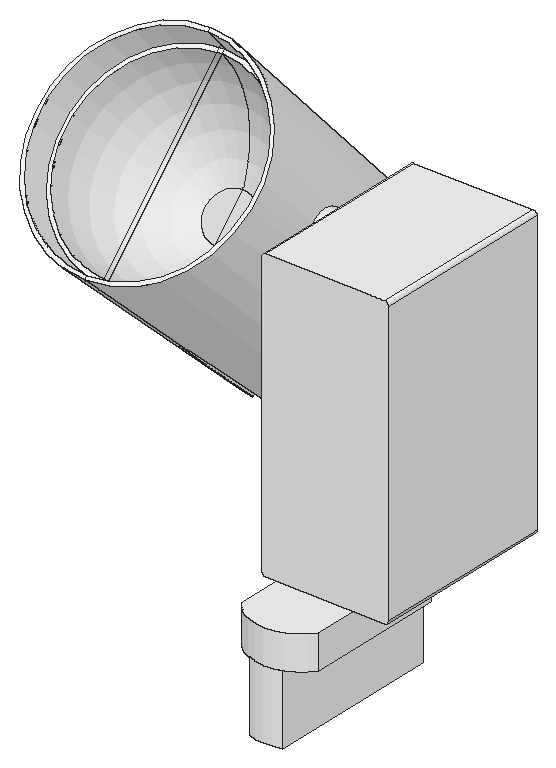
Revit family "0004813 Feilo Sylvania Lighting Fixture START TRACK SPOT S 14W 3K RA80 WB WHITE", category Lighting Fixtures, host Face, Revit 2017 (continued)
Definition of nested family "Start Track Spot Head"
  Types (96, lengths in mm): name | Wattage | built-in parameter 1150134 | Photometric Web File | Model | built-in parameter 1150105 | Lumens | built-in parameter 1150107 | built-in parameter 1150106 | HeadThickness_FEILO | HeadRibOffset_FEILO | HeadRibDepth_FEILO | HeadRibCutWidth_FEILO | HeadRibCutOffset_FEILO | HeadReflectorRadius_FEILO | HeadReflectorOffset_FEILO | HeadLEDRadius_FEILO | HeadHeight_FEILO | HeadDiffusorOffset_FEILO | HeadDiaOut_FEILO | HeadDiaIn_FEILO | HeadAxisFromTop_FEILO | Emit from Circle Diameter | built-in parameter 1150104 | Description | Apparent Load
    0004864 START TRACK SPOT S 24W 3K RA90 WB WHITE | 24 W | (empty or 0) | "0004864.ies" | "START TRACK SPOT S 24W 3K RA90 WB WHITE" | 152.79 (stored number, unit not read) | 1920 lm | 3000 (stored number, unit not read) | 1.5279 (stored number, unit not read) | 1.5 | 4.179 | 55.714 | 7.167 | 50.87 | 50.588 | 55.714 | 9.556 | 117 | 9.435 | 86 | 77.477 | 69.354 | 77.477 | 7.4322 (stored number, unit not read) | "Integrated LED spotlight, Textured White - RAL9016, compact and minimalist design, ideal for retail applications, die-cast aluminium body, passive cooling heatsink. Beam angle: 64°, color temperature: 3000K , total system power: 24W, total fixture output: 1928 lm, LOR: 100%, colour rendering: Ra: 90 typical, LED Chromaticity: 3 step MacAdam ellipse, lifetime: >50000 hours at L70B50, energy class: A++, A+, A, IR/UV free light source without heat radiation, operating voltage: 220-240V / 50-60Hz, drive current: 600mA, electronic driver, non-dimmable, power factor: 0.95, electrical protection: Class II, Global Track 3 Phase adapter suitable for Global trac 3-circuit tracks, ingress protection rating: IP20, suitable for internal environment only, horizontal rotation: 355°, vertical tilt: 90°, dimensions: Ø86x140x200, weight: 0.966kg." | 24 VA
    0004863 START TRACK SPOT S 24W 3K RA90 MB WHITE | 24 W | (empty or 0) | "0004863.ies" | "START TRACK SPOT S 24W 3K RA90 MB WHITE" | 154.7 (stored number, unit not read) | 1944 lm | 3000 (stored number, unit not read) | 1.547 (stored number, unit not read) | 1.5 | 4.179 | 55.714 | 7.167 | 50.87 | 50.588 | 55.714 | 9.556 | 117 | 9.435 | 86 | 77.477 | 69.354 | 77.477 | 7.5251 (stored number, unit not read) | "Integrated LED spotlight, Textured White - RAL9016, compact and minimalist design, ideal for retail applications, die-cast aluminium body, passive cooling heatsink. Beam angle: 36°, color temperature: 3000K , total system power: 24W, total fixture output: 1944 lm, LOR: 100%, colour rendering: Ra: 90 typical, LED Chromaticity: 3 step MacAdam ellipse, lifetime: >50000 hours at L70B50, energy class: A++, A+, A, IR/UV free light source without heat radiation, operating voltage: 220-240V / 50-60Hz, drive current: 600mA, electronic driver, non-dimmable, power factor: 0.95, electrical protection: Class II, Global Track 3 Phase adapter suitable for Global trac 3-circuit tracks, ingress protection rating: IP20, suitable for internal environment only, horizontal rotation: 355°, vertical tilt: 90°, dimensions: Ø86x140x200, weight: 0.966kg." | 24 VA
    0004862 START TRACK SPOT S 24W 3K RA90 NB WHITE | 24 W | (empty or 0) | "0004862.ies" | "START TRACK SPOT S 24W 3K RA90 NB WHITE" | 158.52 (stored number, unit not read) | 1992 lm | 3000 (stored number, unit not read) | 1.5852 (stored number, unit not read) | 1.5 | 4.179 | 55.714 | 7.167 | 50.87 | 50.588 | 55.714 | 9.556 | 117 | 9.435 | 86 | 77.477 | 69.354 | 77.477 | 7.711 (stored number, unit not read) | "Integrated LED spotlight, Textured White - RAL9016, compact and minimalist design, ideal for retail applications, die-cast aluminium body, passive cooling heatsink. Beam angle: 12°, color temperature: 3000K , total system power: 24W, total fixture output: 1987 lm, LOR: 100%, colour rendering: Ra: 90 typical, LED Chromaticity: 3 step MacAdam ellipse, lifetime: >50000 hours at L70B50, energy class: A++, A+, A, IR/UV free light source without heat radiation, operating voltage: 220-240V / 50-60Hz, drive current: 600mA, electronic driver, non-dimmable, power factor: 0.95, electrical protection: Class II, Global Track 3 Phase adapter suitable for Global trac 3-circuit tracks, ingress protection rating: IP20, suitable for internal environment only, horizontal rotation: 355°, vertical tilt: 90°, dimensions: Ø86x140x200, weight: 0.966kg." | 24 VA
    0004861 START TRACK SPOT S 14W 3K RA90 WB WHITE | 14 W | (empty or 0) | "0004861.ies" | "START TRACK SPOT S 14W 3K RA90 WB WHITE" | 100.27 (stored number, unit not read) | 1260 lm | 3000 (stored number, unit not read) | 1.0027 (stored number, unit not read) | 1.5 | 4.179 | 55.714 | 7.167 | 50.87 | 50.588 | 55.714 | 9.556 | 117 | 9.435 | 86 | 77.477 | 69.354 | 77.477 | 8.3613 (stored number, unit not read) | "Integrated LED spotlight, Textured White - RAL9016, compact and minimalist design, ideal for retail applications, die-cast aluminium body, passive cooling heatsink. Beam angle: 64°, color temperature: 3000K , total system power: 14W, total fixture output: 1262 lm, LOR: 100%, colour rendering: Ra: 90 typical, LED Chromaticity: 3 step MacAdam ellipse, lifetime: >50000 hours at L70B50, energy class: A++, A+, A, IR/UV free light source without heat radiation, operating voltage: 220-240V / 50-60Hz, drive current: 350mA, electronic driver, non-dimmable, power factor: 0.92, electrical protection: Class II, Global Track 3 Phase adapter suitable for Global trac 3-circuit tracks, ingress protection rating: IP20, suitable for internal environment only, horizontal rotation: 355°, vertical tilt: 90°, dimensions: Ø86x140x200, weight: 0.940kg." | 14 VA
    0004860 START TRACK SPOT S 14W 3K RA90 MB WHITE | 14 W | (empty or 0) | "0004860.ies" | "START TRACK SPOT S 14W 3K RA90 MB WHITE" | 100.27 (stored number, unit not read) | 1260 lm | 3000 (stored number, unit not read) | 1.0027 (stored number, unit not read) | 1.5 | 4.179 | 55.714 | 7.167 | 50.87 | 50.588 | 55.714 | 9.556 | 117 | 9.435 | 86 | 77.477 | 69.354 | 77.477 | 8.3613 (stored number, unit not read) | "Integrated LED spotlight, Textured White - RAL9016, compact and minimalist design, ideal for retail applications, die-cast aluminium body, passive cooling heatsink. Beam angle: 36°, color temperature: 3000K , total system power: 14W, total fixture output: 1262 lm, LOR: 100%, colour rendering: Ra: 90 typical, LED Chromaticity: 3 step MacAdam ellipse, lifetime: >50000 hours at L70B50, energy class: A++, A+, A, IR/UV free light source without heat radiation, operating voltage: 220-240V / 50-60Hz, drive current: 350mA, electronic driver, non-dimmable, power factor: 0.92, electrical protection: Class II, Global Track 3 Phase adapter suitable for Global trac 3-circuit tracks, ingress protection rating: IP20, suitable for internal environment only, horizontal rotation: 355°, vertical tilt: 90°, dimensions: Ø86x140x200, weight: 0.940kg." | 14 VA
    0004859 START TRACK SPOT S 14W 3K RA90 NB WHITE | 14 W | (empty or 0) | "0004859.ies" | "START TRACK SPOT S 14W 3K RA90 NB WHITE" | 102.5 (stored number, unit not read) | 1288 lm | 3000 (stored number, unit not read) | 1.025 (stored number, unit not read) | 1.5 | 4.179 | 55.714 | 7.167 | 50.87 | 50.588 | 55.714 | 9.556 | 117 | 9.435 | 86 | 77.477 | 69.354 | 77.477 | 8.5471 (stored number, unit not read) | "Integrated LED spotlight, Textured White - RAL9016, compact and minimalist design, ideal for retail applications, die-cast aluminium body, passive cooling heatsink. Beam angle: 12°, color temperature: 3000K , total system power: 14W, total fixture output: 1284 lm, LOR: 100%, colour rendering: Ra: 90 typical, LED Chromaticity: 3 step MacAdam ellipse, lifetime: >50000 hours at L70B50, energy class: A++, A+, A, IR/UV free light source without heat radiation, operating voltage: 220-240V / 50-60Hz, drive current: 350mA, electronic driver, non-dimmable, power factor: 0.92, electrical protection: Class II, Global Track 3 Phase adapter suitable for Global trac 3-circuit tracks, ingress protection rating: IP20, suitable for internal environment only, horizontal rotation: 355°, vertical tilt: 90°, dimensions: Ø86x140x200, weight: 0.940kg." | 14 VA
    0004858 START TRACK SPOT L 55W 4K RA80 WB BLACK | 55 W | 12 | "0004858.ies" | "START TRACK SPOT L 55W 4K RA80 WB BLACK" | 424.55 (stored number, unit not read) | 5335 lm | 4000 (stored number, unit not read) | 4.2455 (stored number, unit not read) | 2 | 4.429 | 59.048 | 9.417 | 53.913 | 66.471 | 59.048 | 12.556 | 124 | 10 | 113 | 101.802 | 73.503 | 101.802 | 9.0116 (stored number, unit not read) | "Integrated LED spotlight, Textured Black - RAL9005, compact and minimalist design, ideal for retail applications, die-cast aluminium body, passive cooling heatsink. Beam angle: 52°, color temperature: 4000K , total system power: 55W, total fixture output: 5320 lm, LOR: 100%, colour rendering: Ra: 80 typical, LED Chromaticity: 3 step MacAdam ellipse, lifetime: >50000 hours at L70B50, energy class: A++, A+, A, IR/UV free light source without heat radiation, operating voltage: 220-240V / 50-60Hz, drive current: 1400mA, electronic driver, non-dimmable, power factor: 0.96, electrical protection: Class II, Global Track 3 Phase adapter suitable for Global trac 3-circuit tracks, ingress protection rating: IP20, suitable for internal environment only, horizontal rotation: 355°, vertical tilt: 90°, dimensions: Ø113x164x240, weight: 1.398kg." | 55 VA
    0004857 START TRACK SPOT L 55W 4K RA80 MB BLACK | 55 W | 12 | "0004857.ies" | "START TRACK SPOT L 55W 4K RA80 MB BLACK" | 428.92 (stored number, unit not read) | 5390 lm | 4000 (stored number, unit not read) | 4.2892 (stored number, unit not read) | 2 | 4.429 | 59.048 | 9.417 | 53.913 | 66.471 | 59.048 | 12.556 | 124 | 10 | 113 | 101.802 | 73.503 | 101.802 | 9.1045 (stored number, unit not read) | "Integrated LED spotlight, Textured Black - RAL9005, compact and minimalist design, ideal for retail applications, die-cast aluminium body, passive cooling heatsink. Beam angle: 38°, color temperature: 4000K , total system power: 55W, total fixture output: 5378 lm, LOR: 100%, colour rendering: Ra: 80 typical, LED Chromaticity: 3 step MacAdam ellipse, lifetime: >50000 hours at L70B50, energy class: A++, A+, A, IR/UV free light source without heat radiation, operating voltage: 220-240V / 50-60Hz, drive current: 1400mA, electronic driver, non-dimmable, power factor: 0.96, electrical protection: Class II, Global Track 3 Phase adapter suitable for Global trac 3-circuit tracks, ingress protection rating: IP20, suitable for internal environment only, horizontal rotation: 355°, vertical tilt: 90°, dimensions: Ø113x164x240, weight: 1.398kg." | 55 VA
    0004856 START TRACK SPOT L 55W 4K RA80 NB BLACK | 55 W | 12 | "0004856.ies" | "START TRACK SPOT L 55W 4K RA80 NB BLACK" | 433.3 (stored number, unit not read) | 5445 lm | 4000 (stored number, unit not read) | 4.333 (stored number, unit not read) | 2 | 4.429 | 59.048 | 9.417 | 53.913 | 66.471 | 59.048 | 12.556 | 124 | 10 | 113 | 101.802 | 73.503 | 101.802 | 9.1974 (stored number, unit not read) | "Integrated LED spotlight, Textured Black - RAL9005, compact and minimalist design, ideal for retail applications, die-cast aluminium body, passive cooling heatsink. Beam angle: 15°, color temperature: 4000K , total system power: 55W, total fixture output: 5426 lm, LOR: 100%, colour rendering: Ra: 80 typical, LED Chromaticity: 3 step MacAdam ellipse, lifetime: >50000 hours at L70B50, energy class: A++, A+, A, IR/UV free light source without heat radiation, operating voltage: 220-240V / 50-60Hz, drive current: 1400mA, electronic driver, non-dimmable, power factor: 0.96, electrical protection: Class II, Global Track 3 Phase adapter suitable for Global trac 3-circuit tracks, ingress protection rating: IP20, suitable for internal environment only, horizontal rotation: 355°, vertical tilt: 90°, dimensions: Ø113x164x240, weight: 1.398kg." | 55 VA
    0004855 START TRACK SPOT L 35W 4K RA80 WB BLACK | 35 W | 12 | "0004855.ies" | "START TRACK SPOT L 35W 4K RA80 WB BLACK" | 320.3 (stored number, unit not read) | 4025 lm | 4000 (stored number, unit not read) | 3.203 (stored number, unit not read) | 2 | 4.429 | 59.048 | 9.417 | 53.913 | 66.471 | 59.048 | 12.556 | 124 | 10 | 113 | 101.802 | 73.503 | 101.802 | 10.684 (stored number, unit not read) | "Integrated LED spotlight, Textured Black - RAL9005, compact and minimalist design, ideal for retail applications, die-cast aluminium body, passive cooling heatsink. Beam angle: 52°, color temperature: 4000K , total system power: 35W, total fixture output: 4010 lm, LOR: 100%, colour rendering: Ra: 80 typical, LED Chromaticity: 3 step MacAdam ellipse, lifetime: >50000 hours at L70B50, energy class: A++, A+, A, IR/UV free light source without heat radiation, operating voltage: 220-240V / 50-60Hz, drive current: 900mA, electronic driver, non-dimmable, power factor: 0.93, electrical protection: Class II, Global Track 3 Phase adapter suitable for Global trac 3-circuit tracks, ingress protection rating: IP20, suitable for internal environment only, horizontal rotation: 355°, vertical tilt: 90°, dimensions: Ø113x164x240, weight: 1.368kg." | 35 VA
    0004854 START TRACK SPOT L 35W 4K RA80 MB BLACK | 35 W | 12 | "0004854.ies" | "START TRACK SPOT L 35W 4K RA80 MB BLACK" | 320.3 (stored number, unit not read) | 4025 lm | 4000 (stored number, unit not read) | 3.203 (stored number, unit not read) | 2 | 4.429 | 59.048 | 9.417 | 53.913 | 66.471 | 59.048 | 12.556 | 124 | 10 | 113 | 101.802 | 73.503 | 101.802 | 10.684 (stored number, unit not read) | "Integrated LED spotlight, Textured Black - RAL9005, compact and minimalist design, ideal for retail applications, die-cast aluminium body, passive cooling heatsink. Beam angle: 38°, color temperature: 4000K , total system power: 35W, total fixture output: 4017 lm, LOR: 100%, colour rendering: Ra: 80 typical, LED Chromaticity: 3 step MacAdam ellipse, lifetime: >50000 hours at L70B50, energy class: A++, A+, A, IR/UV free light source without heat radiation, operating voltage: 220-240V / 50-60Hz, drive current: 900mA, electronic driver, non-dimmable, power factor: 0.93, electrical protection: Class II, Global Track 3 Phase adapter suitable for Global trac 3-circuit tracks, ingress protection rating: IP20, suitable for internal environment only, horizontal rotation: 355°, vertical tilt: 90°, dimensions: Ø113x164x240, weight: 1.368kg." | 35 VA
    0004853 START TRACK SPOT L 35W 4K RA80 NB BLACK | 35 W | 12 | "0004853.ies" | "START TRACK SPOT L 35W 4K RA80 NB BLACK" | 331.44 (stored number, unit not read) | 4165 lm | 4000 (stored number, unit not read) | 3.3144 (stored number, unit not read) | 2 | 4.429 | 59.048 | 9.417 | 53.913 | 66.471 | 59.048 | 12.556 | 124 | 10 | 113 | 101.802 | 73.503 | 101.802 | 11.055 (stored number, unit not read) | "Integrated LED spotlight, Textured Black - RAL9005, compact and minimalist design, ideal for retail applications, die-cast aluminium body, passive cooling heatsink. Beam angle: 15°, color temperature: 4000K , total system power: 35W, total fixture output: 4174 lm, LOR: 100%, colour rendering: Ra: 80 typical, LED Chromaticity: 3 step MacAdam ellipse, lifetime: >50000 hours at L70B50, energy class: A++, A+, A, IR/UV free light source without heat radiation, operating voltage: 220-240V / 50-60Hz, drive current: 900mA, electronic driver, non-dimmable, power factor: 0.93, electrical protection: Class II, Global Track 3 Phase adapter suitable for Global trac 3-circuit tracks, ingress protection rating: IP20, suitable for internal environment only, horizontal rotation: 355°, vertical tilt: 90°, dimensions: Ø113x164x240, weight: 1.368kg." | 35 VA
    0004852 START TRACK SPOT S 24W 4K RA80 WB BLACK | 24 W | 12 | "0004852.ies" | "START TRACK SPOT S 24W 4K RA80 WB BLACK" | 196.72 (stored number, unit not read) | 2472 lm | 4000 (stored number, unit not read) | 1.9672 (stored number, unit not read) | 1.5 | 4.179 | 55.714 | 7.167 | 50.87 | 50.588 | 55.714 | 9.556 | 117 | 9.435 | 86 | 77.477 | 69.354 | 77.477 | 9.569 (stored number, unit not read) | "Integrated LED spotlight, Textured Black - RAL9005, compact and minimalist design, ideal for retail applications, die-cast aluminium body, passive cooling heatsink. Beam angle: 64°, color temperature: 4000K , total system power: 24W, total fixture output: 2476 lm, LOR: 100%, colour rendering: Ra: 80 typical, LED Chromaticity: 3 step MacAdam ellipse, lifetime: >50000 hours at L70B50, energy class: A++, A+, A, IR/UV free light source without heat radiation, operating voltage: 220-240V / 50-60Hz, drive current: 600mA, electronic driver, non-dimmable, power factor: 0.95, electrical protection: Class II, Global Track 3 Phase adapter suitable for Global trac 3-circuit tracks, ingress protection rating: IP20, suitable for internal environment only, horizontal rotation: 355°, vertical tilt: 90°, dimensions: Ø86x140x200, weight: 0.966kg." | 24 VA
    0004851 START TRACK SPOT S 24W 4K RA80 MB BLACK | 24 W | 12 | "0004851.ies" | "START TRACK SPOT S 24W 4K RA80 MB BLACK" | 198.63 (stored number, unit not read) | 2496 lm | 4000 (stored number, unit not read) | 1.9863 (stored number, unit not read) | 1.5 | 4.179 | 55.714 | 7.167 | 50.87 | 50.588 | 55.714 | 9.556 | 117 | 9.435 | 86 | 77.477 | 69.354 | 77.477 | 9.6619 (stored number, unit not read) | "Integrated LED spotlight, Textured Black - RAL9005, compact and minimalist design, ideal for retail applications, die-cast aluminium body, passive cooling heatsink. Beam angle: 36°, color temperature: 4000K , total system power: 24W, total fixture output: 2487 lm, LOR: 100%, colour rendering: Ra: 80 typical, LED Chromaticity: 3 step MacAdam ellipse, lifetime: >50000 hours at L70B50, energy class: A++, A+, A, IR/UV free light source without heat radiation, operating voltage: 220-240V / 50-60Hz, drive current: 600mA, electronic driver, non-dimmable, power factor: 0.95, electrical protection: Class II, Global Track 3 Phase adapter suitable for Global trac 3-circuit tracks, ingress protection rating: IP20, suitable for internal environment only, horizontal rotation: 355°, vertical tilt: 90°, dimensions: Ø86x140x200, weight: 0.966kg." | 24 VA
    0004850 START TRACK SPOT S 24W 4K RA80 NB BLACK | 24 W | 12 | "0004850.ies" | "START TRACK SPOT S 24W 4K RA80 NB BLACK" | 200.54 (stored number, unit not read) | 2520 lm | 4000 (stored number, unit not read) | 2.0054 (stored number, unit not read) | 1.5 | 4.179 | 55.714 | 7.167 | 50.87 | 50.588 | 55.714 | 9.556 | 117 | 9.435 | 86 | 77.477 | 69.354 | 77.477 | 9.7548 (stored number, unit not read) | "Integrated LED spotlight, Textured Black - RAL9005, compact and minimalist design, ideal for retail applications, die-cast aluminium body, passive cooling heatsink. Beam angle: 12°, color temperature: 4000K , total system power: 24W, total fixture output: 2529 lm, LOR: 100%, colour rendering: Ra: 80 typical, LED Chromaticity: 3 step MacAdam ellipse, lifetime: >50000 hours at L70B50, energy class: A++, A+, A, IR/UV free light source without heat radiation, operating voltage: 220-240V / 50-60Hz, drive current: 600mA, electronic driver, non-dimmable, power factor: 0.95, electrical protection: Class II, Global Track 3 Phase adapter suitable for Global trac 3-circuit tracks, ingress protection rating: IP20, suitable for internal environment only, horizontal rotation: 355°, vertical tilt: 90°, dimensions: Ø86x140x200, weight: 0.966kg." | 24 VA
    0004849 START TRACK SPOT S 14W 4K RA80 WB BLACK | 14 W | 12 | "0004849.ies" | "START TRACK SPOT S 14W 4K RA80 WB BLACK" | 123.66 (stored number, unit not read) | 1554 lm | 4000 (stored number, unit not read) | 1.2366 (stored number, unit not read) | 1.5 | 4.179 | 55.714 | 7.167 | 50.87 | 50.588 | 55.714 | 9.556 | 117 | 9.435 | 86 | 77.477 | 69.354 | 77.477 | 10.312 (stored number, unit not read) | "Integrated LED spotlight, Textured Black - RAL9005, compact and minimalist design, ideal for retail applications, die-cast aluminium body, passive cooling heatsink. Beam angle: 64°, color temperature: 4000K , total system power: 14W, total fixture output: 1558 lm, LOR: 100%, colour rendering: Ra: 80 typical, LED Chromaticity: 3 step MacAdam ellipse, lifetime: >50000 hours at L70B50, energy class: A++, A+, A, IR/UV free light source without heat radiation, operating voltage: 220-240V / 50-60Hz, drive current: 350mA, electronic driver, non-dimmable, power factor: 0.92, electrical protection: Class II, Global Track 3 Phase adapter suitable for Global trac 3-circuit tracks, ingress protection rating: IP20, suitable for internal environment only, horizontal rotation: 355°, vertical tilt: 90°, dimensions: Ø86x140x200, weight: 0.940kg." | 14 VA
    0004848 START TRACK SPOT S 14W 4K RA80 MB BLACK | 14 W | 12 | "0004848.ies" | "START TRACK SPOT S 14W 4K RA80 MB BLACK" | 127.01 (stored number, unit not read) | 1596 lm | 4000 (stored number, unit not read) | 1.2701 (stored number, unit not read) | 1.5 | 4.179 | 55.714 | 7.167 | 50.87 | 50.588 | 55.714 | 9.556 | 117 | 9.435 | 86 | 77.477 | 69.354 | 77.477 | 10.591 (stored number, unit not read) | "Integrated LED spotlight, Textured Black - RAL9005, compact and minimalist design, ideal for retail applications, die-cast aluminium body, passive cooling heatsink. Beam angle: 36°, color temperature: 4000K , total system power: 14W, total fixture output: 1598 lm, LOR: 100%, colour rendering: Ra: 80 typical, LED Chromaticity: 3 step MacAdam ellipse, lifetime: >50000 hours at L70B50, energy class: A++, A+, A, IR/UV free light source without heat radiation, operating voltage: 220-240V / 50-60Hz, drive current: 350mA, electronic driver, non-dimmable, power factor: 0.92, electrical protection: Class II, Global Track 3 Phase adapter suitable for Global trac 3-circuit tracks, ingress protection rating: IP20, suitable for internal environment only, horizontal rotation: 355°, vertical tilt: 90°, dimensions: Ø86x140x200, weight: 0.940kg." | 14 VA
    0004847 START TRACK SPOT S 14W 4K RA80 NB BLACK | 14 W | 12 | "0004847.ies" | "START TRACK SPOT S 14W 4K RA80 NB BLACK" | 128.12 (stored number, unit not read) | 1610 lm | 4000 (stored number, unit not read) | 1.2812 (stored number, unit not read) | 1.5 | 4.179 | 55.714 | 7.167 | 50.87 | 50.588 | 55.714 | 9.556 | 117 | 9.435 | 86 | 77.477 | 69.354 | 77.477 | 10.684 (stored number, unit not read) | "Integrated LED spotlight, Textured Black - RAL9005, compact and minimalist design, ideal for retail applications, die-cast aluminium body, passive cooling heatsink. Beam angle: 12°, color temperature: 4000K , total system power: 14W, total fixture output: 1608 lm, LOR: 100%, colour rendering: Ra: 80 typical, LED Chromaticity: 3 step MacAdam ellipse, lifetime: >50000 hours at L70B50, energy class: A++, A+, A, IR/UV free light source without heat radiation, operating voltage: 220-240V / 50-60Hz, drive current: 350mA, electronic driver, non-dimmable, power factor: 0.92, electrical protection: Class II, Global Track 3 Phase adapter suitable for Global trac 3-circuit tracks, ingress protection rating: IP20, suitable for internal environment only, horizontal rotation: 355°, vertical tilt: 90°, dimensions: Ø86x140x200, weight: 0.940kg." | 14 VA
    0004846 START TRACK SPOT L 55W 3K RA80 WB BLACK | 55 W | (empty or 0) | "0004846.ies" | "START TRACK SPOT L 55W 3K RA80 WB BLACK" | 420.17 (stored number, unit not read) | 5280 lm | 3000 (stored number, unit not read) | 4.2017 (stored number, unit not read) | 2 | 4.429 | 59.048 | 9.417 | 53.913 | 66.471 | 59.048 | 12.556 | 124 | 10 | 113 | 101.802 | 73.503 | 101.802 | 8.9187 (stored number, unit not read) | "Integrated LED spotlight, Textured Black - RAL9005, compact and minimalist design, ideal for retail applications, die-cast aluminium body, passive cooling heatsink. Beam angle: 52°, color temperature: 3000K , total system power: 55W, total fixture output: 5298 lm, LOR: 100%, colour rendering: Ra: 80 typical, LED Chromaticity: 3 step MacAdam ellipse, lifetime: >50000 hours at L70B50, energy class: A++, A+, A, IR/UV free light source without heat radiation, operating voltage: 220-240V / 50-60Hz, drive current: 1400mA, electronic driver, non-dimmable, power factor: 0.96, electrical protection: Class II, Global Track 3 Phase adapter suitable for Global trac 3-circuit tracks, ingress protection rating: IP20, suitable for internal environment only, horizontal rotation: 355°, vertical tilt: 90°, dimensions: Ø113x164x240, weight: 1.398kg." | 55 VA
    0004845 START TRACK SPOT L 55W 3K RA80 MB BLACK | 55 W | (empty or 0) | "0004845.ies" | "START TRACK SPOT L 55W 3K RA80 MB BLACK" | 428.92 (stored number, unit not read) | 5390 lm | 3000 (stored number, unit not read) | 4.2892 (stored number, unit not read) | 2 | 4.429 | 59.048 | 9.417 | 53.913 | 66.471 | 59.048 | 12.556 | 124 | 10 | 113 | 101.802 | 73.503 | 101.802 | 9.1045 (stored number, unit not read) | "Integrated LED spotlight, Textured Black - RAL9005, compact and minimalist design, ideal for retail applications, die-cast aluminium body, passive cooling heatsink. Beam angle: 38°, color temperature: 3000K , total system power: 55W, total fixture output: 5381 lm, LOR: 100%, colour rendering: Ra: 80 typical, LED Chromaticity: 3 step MacAdam ellipse, lifetime: >50000 hours at L70B50, energy class: A++, A+, A, IR/UV free light source without heat radiation, operating voltage: 220-240V / 50-60Hz, drive current: 1400mA, electronic driver, non-dimmable, power factor: 0.96, electrical protection: Class II, Global Track 3 Phase adapter suitable for Global trac 3-circuit tracks, ingress protection rating: IP20, suitable for internal environment only, horizontal rotation: 355°, vertical tilt: 90°, dimensions: Ø113x164x240, weight: 1.398kg." | 55 VA
    0004844 START TRACK SPOT L 55W 3K RA80 NB BLACK | 55 W | (empty or 0) | "0004844.ies" | "START TRACK SPOT L 55W 3K RA80 NB BLACK" | 433.3 (stored number, unit not read) | 5445 lm | 3000 (stored number, unit not read) | 4.333 (stored number, unit not read) | 2 | 4.429 | 59.048 | 9.417 | 53.913 | 66.471 | 59.048 | 12.556 | 124 | 10 | 113 | 101.802 | 73.503 | 101.802 | 9.1974 (stored number, unit not read) | "Integrated LED spotlight, Textured Black - RAL9005, compact and minimalist design, ideal for retail applications, die-cast aluminium body, passive cooling heatsink. Beam angle: 15°, color temperature: 3000K , total system power: 55W, total fixture output: 5449 lm, LOR: 100%, colour rendering: Ra: 80 typical, LED Chromaticity: 3 step MacAdam ellipse, lifetime: >50000 hours at L70B50, energy class: A++, A+, A, IR/UV free light source without heat radiation, operating voltage: 220-240V / 50-60Hz, drive current: 1400mA, electronic driver, non-dimmable, power factor: 0.96, electrical protection: Class II, Global Track 3 Phase adapter suitable for Global trac 3-circuit tracks, ingress protection rating: IP20, suitable for internal environment only, horizontal rotation: 355°, vertical tilt: 90°, dimensions: Ø113x164x240, weight: 1.398kg." | 55 VA
    0004843 START TRACK SPOT L 35W 3K RA80 WB BLACK | 35 W | (empty or 0) | "0004843.ies" | "START TRACK SPOT L 35W 3K RA80 WB BLACK" | 314.73 (stored number, unit not read) | 3955 lm | 3000 (stored number, unit not read) | 3.1473 (stored number, unit not read) | 2 | 4.429 | 59.048 | 9.417 | 53.913 | 66.471 | 59.048 | 12.556 | 124 | 10 | 113 | 101.802 | 73.503 | 101.802 | 10.498 (stored number, unit not read) | "Integrated LED spotlight, Textured Black - RAL9005, compact and minimalist design, ideal for retail applications, die-cast aluminium body, passive cooling heatsink. Beam angle: 52°, color temperature: 3000K , total system power: 35W, total fixture output: 3943 lm, LOR: 100%, colour rendering: Ra: 80 typical, LED Chromaticity: 3 step MacAdam ellipse, lifetime: >50000 hours at L70B50, energy class: A++, A+, A, IR/UV free light source without heat radiation, operating voltage: 220-240V / 50-60Hz, drive current: 900mA, electronic driver, non-dimmable, power factor: 0.93, electrical protection: Class II, Global Track 3 Phase adapter suitable for Global trac 3-circuit tracks, ingress protection rating: IP20, suitable for internal environment only, horizontal rotation: 355°, vertical tilt: 90°, dimensions: Ø113x164x240, weight: 1.368kg." | 35 VA
    0004842 START TRACK SPOT L 35W 3K RA80 MB BLACK | 35 W | (empty or 0) | "0004842.ies" | "START TRACK SPOT L 35W 3K RA80 MB BLACK" | 320.3 (stored number, unit not read) | 4025 lm | 3000 (stored number, unit not read) | 3.203 (stored number, unit not read) | 2 | 4.429 | 59.048 | 9.417 | 53.913 | 66.471 | 59.048 | 12.556 | 124 | 10 | 113 | 101.802 | 73.503 | 101.802 | 10.684 (stored number, unit not read) | "Integrated LED spotlight, Textured Black - RAL9005, compact and minimalist design, ideal for retail applications, die-cast aluminium body, passive cooling heatsink. Beam angle: 38°, color temperature: 3000K , total system power: 35W, total fixture output: 4008 lm, LOR: 100%, colour rendering: Ra: 80 typical, LED Chromaticity: 3 step MacAdam ellipse, lifetime: >50000 hours at L70B50, energy class: A++, A+, A, IR/UV free light source without heat radiation, operating voltage: 220-240V / 50-60Hz, drive current: 900mA, electronic driver, non-dimmable, power factor: 0.93, electrical protection: Class II, Global Track 3 Phase adapter suitable for Global trac 3-circuit tracks, ingress protection rating: IP20, suitable for internal environment only, horizontal rotation: 355°, vertical tilt: 90°, dimensions: Ø113x164x240, weight: 1.368kg." | 35 VA
    0004841 START TRACK SPOT L 35W 3K RA80 NB BLACK | 35 W | (empty or 0) | "0004841.ies" | "START TRACK SPOT L 35W 3K RA80 NB BLACK" | 317.51 (stored number, unit not read) | 3990 lm | 3000 (stored number, unit not read) | 3.1751 (stored number, unit not read) | 2 | 4.429 | 59.048 | 9.417 | 53.913 | 66.471 | 59.048 | 12.556 | 124 | 10 | 113 | 101.802 | 73.503 | 101.802 | 10.591 (stored number, unit not read) | "Integrated LED spotlight, Textured Black - RAL9005, compact and minimalist design, ideal for retail applications, die-cast aluminium body, passive cooling heatsink. Beam angle: 15°, color temperature: 3000K , total system power: 35W, total fixture output: 4005 lm, LOR: 100%, colour rendering: Ra: 80 typical, LED Chromaticity: 3 step MacAdam ellipse, lifetime: >50000 hours at L70B50, energy class: A++, A+, A, IR/UV free light source without heat radiation, operating voltage: 220-240V / 50-60Hz, drive current: 900mA, electronic driver, non-dimmable, power factor: 0.93, electrical protection: Class II, Global Track 3 Phase adapter suitable for Global trac 3-circuit tracks, ingress protection rating: IP20, suitable for internal environment only, horizontal rotation: 355°, vertical tilt: 90°, dimensions: Ø113x164x240, weight: 1.368kg." | 35 VA
    0004840 START TRACK SPOT S 24W 3K RA80 WB BLACK | 24 W | (empty or 0) | "0004840.ies" | "START TRACK SPOT S 24W 3K RA80 WB BLACK" | 185.26 (stored number, unit not read) | 2328 lm | 3000 (stored number, unit not read) | 1.8526 (stored number, unit not read) | 1.5 | 4.179 | 55.714 | 7.167 | 50.87 | 50.588 | 55.714 | 9.556 | 117 | 9.435 | 86 | 77.477 | 69.354 | 77.477 | 9.0116 (stored number, unit not read) | "Integrated LED spotlight, Textured Black - RAL9005, compact and minimalist design, ideal for retail applications, die-cast aluminium body, passive cooling heatsink. Beam angle: 64°, color temperature: 3000K , total system power: 24W, total fixture output: 2318 lm, LOR: 100%, colour rendering: Ra: 80 typical, LED Chromaticity: 3 step MacAdam ellipse, lifetime: >50000 hours at L70B50, energy class: A++, A+, A, IR/UV free light source without heat radiation, operating voltage: 220-240V / 50-60Hz, drive current: 600mA, electronic driver, non-dimmable, power factor: 0.95, electrical protection: Class II, Global Track 3 Phase adapter suitable for Global trac 3-circuit tracks, ingress protection rating: IP20, suitable for internal environment only, horizontal rotation: 355°, vertical tilt: 90°, dimensions: Ø86x140x200, weight: 0.966kg." | 24 VA
    0004839 START TRACK SPOT S 24W 3K RA80 MB BLACK | 24 W | (empty or 0) | "0004839.ies" | "START TRACK SPOT S 24W 3K RA80 MB BLACK" | 183.35 (stored number, unit not read) | 2304 lm | 3000 (stored number, unit not read) | 1.8335 (stored number, unit not read) | 1.5 | 4.179 | 55.714 | 7.167 | 50.87 | 50.588 | 55.714 | 9.556 | 117 | 9.435 | 86 | 77.477 | 69.354 | 77.477 | 8.9187 (stored number, unit not read) | "Integrated LED spotlight, Textured Black - RAL9005, compact and minimalist design, ideal for retail applications, die-cast aluminium body, passive cooling heatsink. Beam angle: 36°, color temperature: 3000K , total system power: 24W, total fixture output: 2314 lm, LOR: 100%, colour rendering: Ra: 80 typical, LED Chromaticity: 3 step MacAdam ellipse, lifetime: >50000 hours at L70B50, energy class: A++, A+, A, IR/UV free light source without heat radiation, operating voltage: 220-240V / 50-60Hz, drive current: 600mA, electronic driver, non-dimmable, power factor: 0.95, electrical protection: Class II, Global Track 3 Phase adapter suitable for Global trac 3-circuit tracks, ingress protection rating: IP20, suitable for internal environment only, horizontal rotation: 355°, vertical tilt: 90°, dimensions: Ø86x140x200, weight: 0.966kg." | 24 VA
    0004838 START TRACK SPOT S 24W 3K RA80 NB BLACK | 24 W | (empty or 0) | "0004838.ies" | "START TRACK SPOT S 24W 3K RA80 NB BLACK" | 185.26 (stored number, unit not read) | 2328 lm | 3000 (stored number, unit not read) | 1.8526 (stored number, unit not read) | 1.5 | 4.179 | 55.714 | 7.167 | 50.87 | 50.588 | 55.714 | 9.556 | 117 | 9.435 | 86 | 77.477 | 69.354 | 77.477 | 9.0116 (stored number, unit not read) | "Integrated LED spotlight, Textured Black - RAL9005, compact and minimalist design, ideal for retail applications, die-cast aluminium body, passive cooling heatsink. Beam angle: 12°, color temperature: 3000K , total system power: 24W, total fixture output: 2334 lm, LOR: 100%, colour rendering: Ra: 80 typical, LED Chromaticity: 3 step MacAdam ellipse, lifetime: >50000 hours at L70B50, energy class: A++, A+, A, IR/UV free light source without heat radiation, operating voltage: 220-240V / 50-60Hz, drive current: 600mA, electronic driver, non-dimmable, power factor: 0.95, electrical protection: Class II, Global Track 3 Phase adapter suitable for Global trac 3-circuit tracks, ingress protection rating: IP20, suitable for internal environment only, horizontal rotation: 355°, vertical tilt: 90°, dimensions: Ø86x140x200, weight: 0.966kg." | 24 VA
    0004837 START TRACK SPOT S 14W 3K RA80 WB BLACK | 14 W | (empty or 0) | "0004837.ies" | "START TRACK SPOT S 14W 3K RA80 WB BLACK" | 119.21 (stored number, unit not read) | 1498 lm | 3000 (stored number, unit not read) | 1.1921 (stored number, unit not read) | 1.5 | 4.179 | 55.714 | 7.167 | 50.87 | 50.588 | 55.714 | 9.556 | 117 | 9.435 | 86 | 77.477 | 69.354 | 77.477 | 9.9406 (stored number, unit not read) | "Integrated LED spotlight, Textured Black - RAL9005, compact and minimalist design, ideal for retail applications, die-cast aluminium body, passive cooling heatsink. Beam angle: 64°, color temperature: 3000K , total system power: 14W, total fixture output: 1498 lm, LOR: 100%, colour rendering: Ra: 80 typical, LED Chromaticity: 3 step MacAdam ellipse, lifetime: >50000 hours at L70B50, energy class: A++, A+, A, IR/UV free light source without heat radiation, operating voltage: 220-240V / 50-60Hz, drive current: 350mA, electronic driver, non-dimmable, power factor: 0.92, electrical protection: Class II, Global Track 3 Phase adapter suitable for Global trac 3-circuit tracks, ingress protection rating: IP20, suitable for internal environment only, horizontal rotation: 355°, vertical tilt: 90°, dimensions: Ø86x140x200, weight: 0.940kg." | 14 VA
    0004836 START TRACK SPOT S 14W 3K RA80 MB BLACK | 14 W | (empty or 0) | "0004836.ies" | "START TRACK SPOT S 14W 3K RA80 MB BLACK" | 120.32 (stored number, unit not read) | 1512 lm | 3000 (stored number, unit not read) | 1.2032 (stored number, unit not read) | 1.5 | 4.179 | 55.714 | 7.167 | 50.87 | 50.588 | 55.714 | 9.556 | 117 | 9.435 | 86 | 77.477 | 69.354 | 77.477 | 10.034 (stored number, unit not read) | "Integrated LED spotlight, Textured Black - RAL9005, compact and minimalist design, ideal for retail applications, die-cast aluminium body, passive cooling heatsink. Beam angle: 36°, color temperature: 3000K , total system power: 14W, total fixture output: 1508 lm, LOR: 100%, colour rendering: Ra: 80 typical, LED Chromaticity: 3 step MacAdam ellipse, lifetime: >50000 hours at L70B50, energy class: A++, A+, A, IR/UV free light source without heat radiation, operating voltage: 220-240V / 50-60Hz, drive current: 350mA, electronic driver, non-dimmable, power factor: 0.92, electrical protection: Class II, Global Track 3 Phase adapter suitable for Global trac 3-circuit tracks, ingress protection rating: IP20, suitable for internal environment only, horizontal rotation: 355°, vertical tilt: 90°, dimensions: Ø86x140x200, weight: 0.940kg." | 14 VA
    0004835 START TRACK SPOT S 14W 3K RA80 NB BLACK | 14 W | (empty or 0) | "0004835.ies" | "START TRACK SPOT S 14W 3K RA80 NB BLACK" | 123.66 (stored number, unit not read) | 1554 lm | 3000 (stored number, unit not read) | 1.2366 (stored number, unit not read) | 1.5 | 4.179 | 55.714 | 7.167 | 50.87 | 50.588 | 55.714 | 9.556 | 117 | 9.435 | 86 | 77.477 | 69.354 | 77.477 | 10.312 (stored number, unit not read) | "Integrated LED spotlight, Textured Black - RAL9005, compact and minimalist design, ideal for retail applications, die-cast aluminium body, passive cooling heatsink. Beam angle: 12°, color temperature: 3000K , total system power: 14W, total fixture output: 1551 lm, LOR: 100%, colour rendering: Ra: 80 typical, LED Chromaticity: 3 step MacAdam ellipse, lifetime: >50000 hours at L70B50, energy class: A++, A+, A, IR/UV free light source without heat radiation, operating voltage: 220-240V / 50-60Hz, drive current: 350mA, electronic driver, non-dimmable, power factor: 0.92, electrical protection: Class II, Global Track 3 Phase adapter suitable for Global trac 3-circuit tracks, ingress protection rating: IP20, suitable for internal environment only, horizontal rotation: 355°, vertical tilt: 90°, dimensions: Ø86x140x200, weight: 0.940kg." | 14 VA
    0004834 START TRACK SPOT L 55W 4K RA80 WB WHITE | 55 W | 12 | "0004834.ies" | "START TRACK SPOT L 55W 4K RA80 WB WHITE" | 424.55 (stored number, unit not read) | 5335 lm | 4000 (stored number, unit not read) | 4.2455 (stored number, unit not read) | 2 | 4.429 | 59.048 | 9.417 | 53.913 | 66.471 | 59.048 | 12.556 | 124 | 10 | 113 | 101.802 | 73.503 | 101.802 | 9.0116 (stored number, unit not read) | "Integrated LED spotlight, Textured White - RAL9016, compact and minimalist design, ideal for retail applications, die-cast aluminium body, passive cooling heatsink. Beam angle: 52°, color temperature: 4000K , total system power: 55W, total fixture output: 5320 lm, LOR: 100%, colour rendering: Ra: 80 typical, LED Chromaticity: 3 step MacAdam ellipse, lifetime: >50000 hours at L70B50, energy class: A++, A+, A, IR/UV free light source without heat radiation, operating voltage: 220-240V / 50-60Hz, drive current: 1400mA, electronic driver, non-dimmable, power factor: 0.96, electrical protection: Class II, Global Track 3 Phase adapter suitable for Global trac 3-circuit tracks, ingress protection rating: IP20, suitable for internal environment only, horizontal rotation: 355°, vertical tilt: 90°, dimensions: Ø113x164x240, weight: 1.398kg." | 55 VA
    0004833 START TRACK SPOT L 55W 4K RA80 MB WHITE | 55 W | 12 | "0004833.ies" | "START TRACK SPOT L 55W 4K RA80 MB WHITE" | 428.92 (stored number, unit not read) | 5390 lm | 4000 (stored number, unit not read) | 4.2892 (stored number, unit not read) | 2 | 4.429 | 59.048 | 9.417 | 53.913 | 66.471 | 59.048 | 12.556 | 124 | 10 | 113 | 101.802 | 73.503 | 101.802 | 9.1045 (stored number, unit not read) | "Integrated LED spotlight, Textured White - RAL9016, compact and minimalist design, ideal for retail applications, die-cast aluminium body, passive cooling heatsink. Beam angle: 38°, color temperature: 4000K , total system power: 55W, total fixture output: 5378 lm, LOR: 100%, colour rendering: Ra: 80 typical, LED Chromaticity: 3 step MacAdam ellipse, lifetime: >50000 hours at L70B50, energy class: A++, A+, A, IR/UV free light source without heat radiation, operating voltage: 220-240V / 50-60Hz, drive current: 1400mA, electronic driver, non-dimmable, power factor: 0.96, electrical protection: Class II, Global Track 3 Phase adapter suitable for Global trac 3-circuit tracks, ingress protection rating: IP20, suitable for internal environment only, horizontal rotation: 355°, vertical tilt: 90°, dimensions: Ø113x164x240, weight: 1.398kg." | 55 VA
    0004832 START TRACK SPOT L 55W 4K RA80 NB WHITE | 55 W | 12 | "0004832.ies" | "START TRACK SPOT L 55W 4K RA80 NB WHITE" | 433.3 (stored number, unit not read) | 5445 lm | 4000 (stored number, unit not read) | 4.333 (stored number, unit not read) | 2 | 4.429 | 59.048 | 9.417 | 53.913 | 66.471 | 59.048 | 12.556 | 124 | 10 | 113 | 101.802 | 73.503 | 101.802 | 9.1974 (stored number, unit not read) | "Integrated LED spotlight, Textured White - RAL9016, compact and minimalist design, ideal for retail applications, die-cast aluminium body, passive cooling heatsink. Beam angle: 15°, color temperature: 4000K , total system power: 55W, total fixture output: 5426 lm, LOR: 100%, colour rendering: Ra: 80 typical, LED Chromaticity: 3 step MacAdam ellipse, lifetime: >50000 hours at L70B50, energy class: A++, A+, A, IR/UV free light source without heat radiation, operating voltage: 220-240V / 50-60Hz, drive current: 1400mA, electronic driver, non-dimmable, power factor: 0.96, electrical protection: Class II, Global Track 3 Phase adapter suitable for Global trac 3-circuit tracks, ingress protection rating: IP20, suitable for internal environment only, horizontal rotation: 355°, vertical tilt: 90°, dimensions: Ø113x164x240, weight: 1.398kg." | 55 VA
    0004831 START TRACK SPOT L 35W 4K RA80 WB WHITE | 35 W | 12 | "0004831.ies" | "START TRACK SPOT L 35W 4K RA80 WB WHITE" | 320.3 (stored number, unit not read) | 4025 lm | 4000 (stored number, unit not read) | 3.203 (stored number, unit not read) | 2 | 4.429 | 59.048 | 9.417 | 53.913 | 66.471 | 59.048 | 12.556 | 124 | 10 | 113 | 101.802 | 73.503 | 101.802 | 10.684 (stored number, unit not read) | "Integrated LED spotlight, Textured White - RAL9016, compact and minimalist design, ideal for retail applications, die-cast aluminium body, passive cooling heatsink. Beam angle: 52°, color temperature: 4000K , total system power: 35W, total fixture output: 4010 lm, LOR: 100%, colour rendering: Ra: 80 typical, LED Chromaticity: 3 step MacAdam ellipse, lifetime: >50000 hours at L70B50, energy class: A++, A+, A, IR/UV free light source without heat radiation, operating voltage: 220-240V / 50-60Hz, drive current: 900mA, electronic driver, non-dimmable, power factor: 0.93, electrical protection: Class II, Global Track 3 Phase adapter suitable for Global trac 3-circuit tracks, ingress protection rating: IP20, suitable for internal environment only, horizontal rotation: 355°, vertical tilt: 90°, dimensions: Ø113x164x240, weight: 1.368kg." | 35 VA
    0004830 START TRACK SPOT L 35W 4K RA80 MB WHITE | 35 W | 12 | "0004830.ies" | "START TRACK SPOT L 35W 4K RA80 MB WHITE" | 320.3 (stored number, unit not read) | 4025 lm | 4000 (stored number, unit not read) | 3.203 (stored number, unit not read) | 2 | 4.429 | 59.048 | 9.417 | 53.913 | 66.471 | 59.048 | 12.556 | 124 | 10 | 113 | 101.802 | 73.503 | 101.802 | 10.684 (stored number, unit not read) | "Integrated LED spotlight, Textured White - RAL9016, compact and minimalist design, ideal for retail applications, die-cast aluminium body, passive cooling heatsink. Beam angle: 38°, color temperature: 4000K , total system power: 35W, total fixture output: 4017 lm, LOR: 100%, colour rendering: Ra: 80 typical, LED Chromaticity: 3 step MacAdam ellipse, lifetime: >50000 hours at L70B50, energy class: A++, A+, A, IR/UV free light source without heat radiation, operating voltage: 220-240V / 50-60Hz, drive current: 900mA, electronic driver, non-dimmable, power factor: 0.93, electrical protection: Class II, Global Track 3 Phase adapter suitable for Global trac 3-circuit tracks, ingress protection rating: IP20, suitable for internal environment only, horizontal rotation: 355°, vertical tilt: 90°, dimensions: Ø113x164x240, weight: 1.368kg." | 35 VA
    0004829 START TRACK SPOT L 35W 4K RA80 NB WHITE | 35 W | 12 | "0004829.ies" | "START TRACK SPOT L 35W 4K RA80 NB WHITE" | 331.44 (stored number, unit not read) | 4165 lm | 4000 (stored number, unit not read) | 3.3144 (stored number, unit not read) | 2 | 4.429 | 59.048 | 9.417 | 53.913 | 66.471 | 59.048 | 12.556 | 124 | 10 | 113 | 101.802 | 73.503 | 101.802 | 11.055 (stored number, unit not read) | "Integrated LED spotlight, Textured White - RAL9016, compact and minimalist design, ideal for retail applications, die-cast aluminium body, passive cooling heatsink. Beam angle: 15°, color temperature: 4000K , total system power: 35W, total fixture output: 4174 lm, LOR: 100%, colour rendering: Ra: 80 typical, LED Chromaticity: 3 step MacAdam ellipse, lifetime: >50000 hours at L70B50, energy class: A++, A+, A, IR/UV free light source without heat radiation, operating voltage: 220-240V / 50-60Hz, drive current: 900mA, electronic driver, non-dimmable, power factor: 0.93, electrical protection: Class II, Global Track 3 Phase adapter suitable for Global trac 3-circuit tracks, ingress protection rating: IP20, suitable for internal environment only, horizontal rotation: 355°, vertical tilt: 90°, dimensions: Ø113x164x240, weight: 1.368kg." | 35 VA
    0004828 START TRACK SPOT S 24W 4K RA80 WB WHITE | 24 W | 12 | "0004828.ies" | "START TRACK SPOT S 24W 4K RA80 WB WHITE" | 196.72 (stored number, unit not read) | 2472 lm | 4000 (stored number, unit not read) | 1.9672 (stored number, unit not read) | 1.5 | 4.179 | 55.714 | 7.167 | 50.87 | 50.588 | 55.714 | 9.556 | 117 | 9.435 | 86 | 77.477 | 69.354 | 77.477 | 9.569 (stored number, unit not read) | "Integrated LED spotlight, Textured White - RAL9016, compact and minimalist design, ideal for retail applications, die-cast aluminium body, passive cooling heatsink. Beam angle: 64°, color temperature: 4000K , total system power: 24W, total fixture output: 2476 lm, LOR: 100%, colour rendering: Ra: 80 typical, LED Chromaticity: 3 step MacAdam ellipse, lifetime: >50000 hours at L70B50, energy class: A++, A+, A, IR/UV free light source without heat radiation, operating voltage: 220-240V / 50-60Hz, drive current: 600mA, electronic driver, non-dimmable, power factor: 0.95, electrical protection: Class II, Global Track 3 Phase adapter suitable for Global trac 3-circuit tracks, ingress protection rating: IP20, suitable for internal environment only, horizontal rotation: 355°, vertical tilt: 90°, dimensions: Ø86x140x200, weight: 0.966kg." | 24 VA
    0004827 START TRACK SPOT S 24W 4K RA80 MB WHITE | 24 W | 12 | "0004827.ies" | "START TRACK SPOT S 24W 4K RA80 MB WHITE" | 198.63 (stored number, unit not read) | 2496 lm | 4000 (stored number, unit not read) | 1.9863 (stored number, unit not read) | 1.5 | 4.179 | 55.714 | 7.167 | 50.87 | 50.588 | 55.714 | 9.556 | 117 | 9.435 | 86 | 77.477 | 69.354 | 77.477 | 9.6619 (stored number, unit not read) | "Integrated LED spotlight, Textured White - RAL9016, compact and minimalist design, ideal for retail applications, die-cast aluminium body, passive cooling heatsink. Beam angle: 36°, color temperature: 4000K , total system power: 24W, total fixture output: 2487 lm, LOR: 100%, colour rendering: Ra: 80 typical, LED Chromaticity: 3 step MacAdam ellipse, lifetime: >50000 hours at L70B50, energy class: A++, A+, A, IR/UV free light source without heat radiation, operating voltage: 220-240V / 50-60Hz, drive current: 600mA, electronic driver, non-dimmable, power factor: 0.95, electrical protection: Class II, Global Track 3 Phase adapter suitable for Global trac 3-circuit tracks, ingress protection rating: IP20, suitable for internal environment only, horizontal rotation: 355°, vertical tilt: 90°, dimensions: Ø86x140x200, weight: 0.966kg." | 24 VA
    0004826 START TRACK SPOT S 24W 4K RA80 NB WHITE | 24 W | 12 | "0004826.ies" | "START TRACK SPOT S 24W 4K RA80 NB WHITE" | 200.54 (stored number, unit not read) | 2520 lm | 4000 (stored number, unit not read) | 2.0054 (stored number, unit not read) | 1.5 | 4.179 | 55.714 | 7.167 | 50.87 | 50.588 | 55.714 | 9.556 | 117 | 9.435 | 86 | 77.477 | 69.354 | 77.477 | 9.7548 (stored number, unit not read) | "Integrated LED spotlight, Textured White - RAL9016, compact and minimalist design, ideal for retail applications, die-cast aluminium body, passive cooling heatsink. Beam angle: 12°, color temperature: 4000K , total system power: 24W, total fixture output: 2529 lm, LOR: 100%, colour rendering: Ra: 80 typical, LED Chromaticity: 3 step MacAdam ellipse, lifetime: >50000 hours at L70B50, energy class: A++, A+, A, IR/UV free light source without heat radiation, operating voltage: 220-240V / 50-60Hz, drive current: 600mA, electronic driver, non-dimmable, power factor: 0.95, electrical protection: Class II, Global Track 3 Phase adapter suitable for Global trac 3-circuit tracks, ingress protection rating: IP20, suitable for internal environment only, horizontal rotation: 355°, vertical tilt: 90°, dimensions: Ø86x140x200, weight: 0.966kg." | 24 VA
    0004825 START TRACK SPOT S 14W 4K RA80 WB WHITE | 14 W | 12 | "0004825.ies" | "START TRACK SPOT S 14W 4K RA80 WB WHITE" | 123.66 (stored number, unit not read) | 1554 lm | 4000 (stored number, unit not read) | 1.2366 (stored number, unit not read) | 1.5 | 4.179 | 55.714 | 7.167 | 50.87 | 50.588 | 55.714 | 9.556 | 117 | 9.435 | 86 | 77.477 | 69.354 | 77.477 | 10.312 (stored number, unit not read) | "Integrated LED spotlight, Textured White - RAL9016, compact and minimalist design, ideal for retail applications, die-cast aluminium body, passive cooling heatsink. Beam angle: 64°, color temperature: 4000K , total system power: 14W, total fixture output: 1558 lm, LOR: 100%, colour rendering: Ra: 80 typical, LED Chromaticity: 3 step MacAdam ellipse, lifetime: >50000 hours at L70B50, energy class: A++, A+, A, IR/UV free light source without heat radiation, operating voltage: 220-240V / 50-60Hz, drive current: 350mA, electronic driver, non-dimmable, power factor: 0.92, electrical protection: Class II, Global Track 3 Phase adapter suitable for Global trac 3-circuit tracks, ingress protection rating: IP20, suitable for internal environment only, horizontal rotation: 355°, vertical tilt: 90°, dimensions: Ø86x140x200, weight: 0.940kg." | 14 VA
    0004824 START TRACK SPOT S 14W 4K RA80 MB WHITE | 14 W | 12 | "0004824.ies" | "START TRACK SPOT S 14W 4K RA80 MB WHITE" | 127.01 (stored number, unit not read) | 1596 lm | 4000 (stored number, unit not read) | 1.2701 (stored number, unit not read) | 1.5 | 4.179 | 55.714 | 7.167 | 50.87 | 50.588 | 55.714 | 9.556 | 117 | 9.435 | 86 | 77.477 | 69.354 | 77.477 | 10.591 (stored number, unit not read) | "Integrated LED spotlight, Textured White - RAL9016, compact and minimalist design, ideal for retail applications, die-cast aluminium body, passive cooling heatsink. Beam angle: 36°, color temperature: 4000K , total system power: 14W, total fixture output: 1598 lm, LOR: 100%, colour rendering: Ra: 80 typical, LED Chromaticity: 3 step MacAdam ellipse, lifetime: >50000 hours at L70B50, energy class: A++, A+, A, IR/UV free light source without heat radiation, operating voltage: 220-240V / 50-60Hz, drive current: 350mA, electronic driver, non-dimmable, power factor: 0.92, electrical protection: Class II, Global Track 3 Phase adapter suitable for Global trac 3-circuit tracks, ingress protection rating: IP20, suitable for internal environment only, horizontal rotation: 355°, vertical tilt: 90°, dimensions: Ø86x140x200, weight: 0.940kg." | 14 VA
    0004823 START TRACK SPOT S 14W 4K RA80 NB WHITE | 14 W | 12 | "0004823.ies" | "START TRACK SPOT S 14W 4K RA80 NB WHITE" | 128.12 (stored number, unit not read) | 1610 lm | 4000 (stored number, unit not read) | 1.2812 (stored number, unit not read) | 1.5 | 4.179 | 55.714 | 7.167 | 50.87 | 50.588 | 55.714 | 9.556 | 117 | 9.435 | 86 | 77.477 | 69.354 | 77.477 | 10.684 (stored number, unit not read) | "Integrated LED spotlight, Textured White - RAL9016, compact and minimalist design, ideal for retail applications, die-cast aluminium body, passive cooling heatsink. Beam angle: 12°, color temperature: 4000K , total system power: 14W, total fixture output: 1608 lm, LOR: 100%, colour rendering: Ra: 80 typical, LED Chromaticity: 3 step MacAdam ellipse, lifetime: >50000 hours at L70B50, energy class: A++, A+, A, IR/UV free light source without heat radiation, operating voltage: 220-240V / 50-60Hz, drive current: 350mA, electronic driver, non-dimmable, power factor: 0.92, electrical protection: Class II, Global Track 3 Phase adapter suitable for Global trac 3-circuit tracks, ingress protection rating: IP20, suitable for internal environment only, horizontal rotation: 355°, vertical tilt: 90°, dimensions: Ø86x140x200, weight: 0.940kg." | 14 VA
    0004822 START TRACK SPOT L 55W 3K RA80 WB WHITE | 55 W | (empty or 0) | "0004822.ies" | "START TRACK SPOT L 55W 3K RA80 WB WHITE" | 420.17 (stored number, unit not read) | 5280 lm | 3000 (stored number, unit not read) | 4.2017 (stored number, unit not read) | 2 | 4.429 | 59.048 | 9.417 | 53.913 | 66.471 | 59.048 | 12.556 | 124 | 10 | 113 | 101.802 | 73.503 | 101.802 | 8.9187 (stored number, unit not read) | "Integrated LED spotlight, Textured White - RAL9016, compact and minimalist design, ideal for retail applications, die-cast aluminium body, passive cooling heatsink. Beam angle: 52°, color temperature: 3000K , total system power: 55W, total fixture output: 5298 lm, LOR: 100%, colour rendering: Ra: 80 typical, LED Chromaticity: 3 step MacAdam ellipse, lifetime: >50000 hours at L70B50, energy class: A++, A+, A, IR/UV free light source without heat radiation, operating voltage: 220-240V / 50-60Hz, drive current: 1400mA, electronic driver, non-dimmable, power factor: 0.96, electrical protection: Class II, Global Track 3 Phase adapter suitable for Global trac 3-circuit tracks, ingress protection rating: IP20, suitable for internal environment only, horizontal rotation: 355°, vertical tilt: 90°, dimensions: Ø113x164x240, weight: 1.398kg." | 55 VA
    0004821 START TRACK SPOT L 55W 3K RA80 MB WHITE | 55 W | (empty or 0) | "0004821.ies" | "START TRACK SPOT L 55W 3K RA80 MB WHITE" | 428.92 (stored number, unit not read) | 5390 lm | 3000 (stored number, unit not read) | 4.2892 (stored number, unit not read) | 2 | 4.429 | 59.048 | 9.417 | 53.913 | 66.471 | 59.048 | 12.556 | 124 | 10 | 113 | 101.802 | 73.503 | 101.802 | 9.1045 (stored number, unit not read) | "Integrated LED spotlight, Textured White - RAL9016, compact and minimalist design, ideal for retail applications, die-cast aluminium body, passive cooling heatsink. Beam angle: 38°, color temperature: 3000K , total system power: 55W, total fixture output: 5381 lm, LOR: 100%, colour rendering: Ra: 80 typical, LED Chromaticity: 3 step MacAdam ellipse, lifetime: >50000 hours at L70B50, energy class: A++, A+, A, IR/UV free light source without heat radiation, operating voltage: 220-240V / 50-60Hz, drive current: 1400mA, electronic driver, non-dimmable, power factor: 0.96, electrical protection: Class II, Global Track 3 Phase adapter suitable for Global trac 3-circuit tracks, ingress protection rating: IP20, suitable for internal environment only, horizontal rotation: 355°, vertical tilt: 90°, dimensions: Ø113x164x240, weight: 1.398kg." | 55 VA
    0004820 START TRACK SPOT L 55W 3K RA80 NB WHITE | 55 W | (empty or 0) | "0004820.ies" | "START TRACK SPOT L 55W 3K RA80 NB WHITE" | 433.3 (stored number, unit not read) | 5445 lm | 3000 (stored number, unit not read) | 4.333 (stored number, unit not read) | 2 | 4.429 | 59.048 | 9.417 | 53.913 | 66.471 | 59.048 | 12.556 | 124 | 10 | 113 | 101.802 | 73.503 | 101.802 | 9.1974 (stored number, unit not read) | "Integrated LED spotlight, Textured White - RAL9016, compact and minimalist design, ideal for retail applications, die-cast aluminium body, passive cooling heatsink. Beam angle: 15°, color temperature: 3000K , total system power: 55W, total fixture output: 5449 lm, LOR: 100%, colour rendering: Ra: 80 typical, LED Chromaticity: 3 step MacAdam ellipse, lifetime: >50000 hours at L70B50, energy class: A++, A+, A, IR/UV free light source without heat radiation, operating voltage: 220-240V / 50-60Hz, drive current: 1400mA, electronic driver, non-dimmable, power factor: 0.96, electrical protection: Class II, Global Track 3 Phase adapter suitable for Global trac 3-circuit tracks, ingress protection rating: IP20, suitable for internal environment only, horizontal rotation: 355°, vertical tilt: 90°, dimensions: Ø113x164x240, weight: 1.398kg." | 55 VA
    0004819 START TRACK SPOT L 35W 3K RA80 WB WHITE | 35 W | (empty or 0) | "0004819.ies" | "START TRACK SPOT L 35W 3K RA80 WB WHITE" | 314.73 (stored number, unit not read) | 3955 lm | 3000 (stored number, unit not read) | 3.1473 (stored number, unit not read) | 2 | 4.429 | 59.048 | 9.417 | 53.913 | 66.471 | 59.048 | 12.556 | 124 | 10 | 113 | 101.802 | 73.503 | 101.802 | 10.498 (stored number, unit not read) | "Integrated LED spotlight, Textured White - RAL9016, compact and minimalist design, ideal for retail applications, die-cast aluminium body, passive cooling heatsink. Beam angle: 52°, color temperature: 3000K , total system power: 35W, total fixture output: 3943 lm, LOR: 100%, colour rendering: Ra: 80 typical, LED Chromaticity: 3 step MacAdam ellipse, lifetime: >50000 hours at L70B50, energy class: A++, A+, A, IR/UV free light source without heat radiation, operating voltage: 220-240V / 50-60Hz, drive current: 900mA, electronic driver, non-dimmable, power factor: 0.93, electrical protection: Class II, Global Track 3 Phase adapter suitable for Global trac 3-circuit tracks, ingress protection rating: IP20, suitable for internal environment only, horizontal rotation: 355°, vertical tilt: 90°, dimensions: Ø113x164x240, weight: 1.368kg." | 35 VA
    0004818 START TRACK SPOT L 35W 3K RA80 MB WHITE | 35 W | (empty or 0) | "0004818.ies" | "START TRACK SPOT L 35W 3K RA80 MB WHITE" | 320.3 (stored number, unit not read) | 4025 lm | 3000 (stored number, unit not read) | 3.203 (stored number, unit not read) | 2 | 4.429 | 59.048 | 9.417 | 53.913 | 66.471 | 59.048 | 12.556 | 124 | 10 | 113 | 101.802 | 73.503 | 101.802 | 10.684 (stored number, unit not read) | "Integrated LED spotlight, Textured White - RAL9016, compact and minimalist design, ideal for retail applications, die-cast aluminium body, passive cooling heatsink. Beam angle: 38°, color temperature: 3000K , total system power: 35W, total fixture output: 4008 lm, LOR: 100%, colour rendering: Ra: 80 typical, LED Chromaticity: 3 step MacAdam ellipse, lifetime: >50000 hours at L70B50, energy class: A++, A+, A, IR/UV free light source without heat radiation, operating voltage: 220-240V / 50-60Hz, drive current: 900mA, electronic driver, non-dimmable, power factor: 0.93, electrical protection: Class II, Global Track 3 Phase adapter suitable for Global trac 3-circuit tracks, ingress protection rating: IP20, suitable for internal environment only, horizontal rotation: 355°, vertical tilt: 90°, dimensions: Ø113x164x240, weight: 1.368kg." | 35 VA
    0004817 START TRACK SPOT L 35W 3K RA80 NB WHITE | 35 W | (empty or 0) | "0004817.ies" | "START TRACK SPOT L 35W 3K RA80 NB WHITE" | 317.51 (stored number, unit not read) | 3990 lm | 3000 (stored number, unit not read) | 3.1751 (stored number, unit not read) | 2 | 4.429 | 59.048 | 9.417 | 53.913 | 66.471 | 59.048 | 12.556 | 124 | 10 | 113 | 101.802 | 73.503 | 101.802 | 10.591 (stored number, unit not read) | "Integrated LED spotlight, Textured White - RAL9016, compact and minimalist design, ideal for retail applications, die-cast aluminium body, passive cooling heatsink. Beam angle: 15°, color temperature: 3000K , total system power: 35W, total fixture output: 4005 lm, LOR: 100%, colour rendering: Ra: 80 typical, LED Chromaticity: 3 step MacAdam ellipse, lifetime: >50000 hours at L70B50, energy class: A++, A+, A, IR/UV free light source without heat radiation, operating voltage: 220-240V / 50-60Hz, drive current: 900mA, electronic driver, non-dimmable, power factor: 0.93, electrical protection: Class II, Global Track 3 Phase adapter suitable for Global trac 3-circuit tracks, ingress protection rating: IP20, suitable for internal environment only, horizontal rotation: 355°, vertical tilt: 90°, dimensions: Ø113x164x240, weight: 1.368kg." | 35 VA
    0004816 START TRACK SPOT S 24W 3K RA80 WB WHITE | 24 W | (empty or 0) | "0004816.ies" | "START TRACK SPOT S 24W 3K RA80 WB WHITE" | 185.26 (stored number, unit not read) | 2328 lm | 3000 (stored number, unit not read) | 1.8526 (stored number, unit not read) | 1.5 | 4.179 | 55.714 | 7.167 | 50.87 | 50.588 | 55.714 | 9.556 | 117 | 9.435 | 86 | 77.477 | 69.354 | 77.477 | 9.0116 (stored number, unit not read) | "Integrated LED spotlight, Textured White - RAL9016, compact and minimalist design, ideal for retail applications, die-cast aluminium body, passive cooling heatsink. Beam angle: 64°, color temperature: 3000K , total system power: 24W, total fixture output: 2318 lm, LOR: 100%, colour rendering: Ra: 80 typical, LED Chromaticity: 3 step MacAdam ellipse, lifetime: >50000 hours at L70B50, energy class: A++, A+, A, IR/UV free light source without heat radiation, operating voltage: 220-240V / 50-60Hz, drive current: 600mA, electronic driver, non-dimmable, power factor: 0.95, electrical protection: Class II, Global Track 3 Phase adapter suitable for Global trac 3-circuit tracks, ingress protection rating: IP20, suitable for internal environment only, horizontal rotation: 355°, vertical tilt: 90°, dimensions: Ø86x140x200, weight: 0.966kg." | 24 VA
    0004815 START TRACK SPOT S 24W 3K RA80 MB WHITE | 24 W | (empty or 0) | "0004815.ies" | "START TRACK SPOT S 24W 3K RA80 MB WHITE" | 183.35 (stored number, unit not read) | 2304 lm | 3000 (stored number, unit not read) | 1.8335 (stored number, unit not read) | 1.5 | 4.179 | 55.714 | 7.167 | 50.87 | 50.588 | 55.714 | 9.556 | 117 | 9.435 | 86 | 77.477 | 69.354 | 77.477 | 8.9187 (stored number, unit not read) | "Integrated LED spotlight, Textured White - RAL9016, compact and minimalist design, ideal for retail applications, die-cast aluminium body, passive cooling heatsink. Beam angle: 36°, color temperature: 3000K , total system power: 24W, total fixture output: 2314 lm, LOR: 100%, colour rendering: Ra: 80 typical, LED Chromaticity: 3 step MacAdam ellipse, lifetime: >50000 hours at L70B50, energy class: A++, A+, A, IR/UV free light source without heat radiation, operating voltage: 220-240V / 50-60Hz, drive current: 600mA, electronic driver, non-dimmable, power factor: 0.95, electrical protection: Class II, Global Track 3 Phase adapter suitable for Global trac 3-circuit tracks, ingress protection rating: IP20, suitable for internal environment only, horizontal rotation: 355°, vertical tilt: 90°, dimensions: Ø86x140x200, weight: 0.966kg." | 24 VA
    0004814 START TRACK SPOT S 24W 3K RA80 NB WHITE | 24 W | (empty or 0) | "0004814.ies" | "START TRACK SPOT S 24W 3K RA80 NB WHITE" | 185.26 (stored number, unit not read) | 2328 lm | 3000 (stored number, unit not read) | 1.8526 (stored number, unit not read) | 1.5 | 4.179 | 55.714 | 7.167 | 50.87 | 50.588 | 55.714 | 9.556 | 117 | 9.435 | 86 | 77.477 | 69.354 | 77.477 | 9.0116 (stored number, unit not read) | "Integrated LED spotlight, Textured White - RAL9016, compact and minimalist design, ideal for retail applications, die-cast aluminium body, passive cooling heatsink. Beam angle: 12°, color temperature: 3000K , total system power: 24W, total fixture output: 2334 lm, LOR: 100%, colour rendering: Ra: 80 typical, LED Chromaticity: 3 step MacAdam ellipse, lifetime: >50000 hours at L70B50, energy class: A++, A+, A, IR/UV free light source without heat radiation, operating voltage: 220-240V / 50-60Hz, drive current: 600mA, electronic driver, non-dimmable, power factor: 0.95, electrical protection: Class II, Global Track 3 Phase adapter suitable for Global trac 3-circuit tracks, ingress protection rating: IP20, suitable for internal environment only, horizontal rotation: 355°, vertical tilt: 90°, dimensions: Ø86x140x200, weight: 0.966kg." | 24 VA
    0004813 START TRACK SPOT S 14W 3K RA80 WB WHITE | 14 W | (empty or 0) | "0004813.ies" | "START TRACK SPOT S 14W 3K RA80 WB WHITE" | 119.21 (stored number, unit not read) | 1498 lm | 3000 (stored number, unit not read) | 1.1921 (stored number, unit not read) | 1.5 | 4.179 | 55.714 | 7.167 | 50.87 | 50.588 | 55.714 | 9.556 | 117 | 9.435 | 86 | 77.477 | 69.354 | 77.477 | 9.9406 (stored number, unit not read) | "Integrated LED spotlight, Textured White - RAL9016, compact and minimalist design, ideal for retail applications, die-cast aluminium body, passive cooling heatsink. Beam angle: 64°, color temperature: 3000K , total system power: 14W, total fixture output: 1498 lm, LOR: 100%, colour rendering: Ra: 80 typical, LED Chromaticity: 3 step MacAdam ellipse, lifetime: >50000 hours at L70B50, energy class: A++, A+, A, IR/UV free light source without heat radiation, operating voltage: 220-240V / 50-60Hz, drive current: 350mA, electronic driver, non-dimmable, power factor: 0.92, electrical protection: Class II, Global Track 3 Phase adapter suitable for Global trac 3-circuit tracks, ingress protection rating: IP20, suitable for internal environment only, horizontal rotation: 355°, vertical tilt: 90°, dimensions: Ø86x140x200, weight: 0.940kg." | 14 VA
